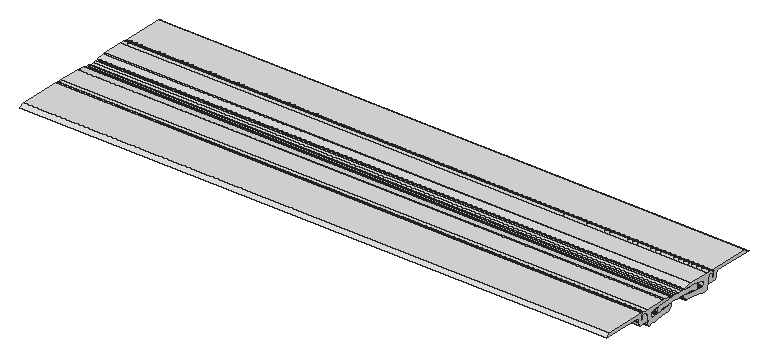
Revit family "Construction-Floors-Conecto-Aluminium Joints ALU AL.165.30", category Specialty Equipment, Revit 2015 (continued)
Definition of nested family "Standard"
  Automatic sketch dimensions
    Extrusion 18 sketch curve to Extrusion 18 sketch curve = 0.069 mm
    Extrusion 18 sketch curve to Extrusion 18 sketch curve = 0.189 mm
    Extrusion 18 sketch curve to Extrusion 18 sketch curve = 0.132 mm
    Extrusion 18 sketch curve to Extrusion 18 sketch curve = 0.433 mm
    Extrusion 18 sketch curve to Extrusion 18 sketch curve = 0.556 mm
    Extrusion 18 sketch curve to Extrusion 18 sketch curve = 0.586 mm
    Extrusion 18 sketch curve to Extrusion 18 sketch curve = 0.467 mm
    Extrusion 18 sketch curve to Extrusion 18 sketch curve = 0.54 mm
    Extrusion 18 sketch curve to Extrusion 18 sketch curve = 0.734 mm
    Extrusion 18 sketch curve to Extrusion 18 sketch curve = 0.731 mm
    Extrusion 18 sketch curve to Extrusion 18 sketch curve = 0.807 mm
    Extrusion 18 sketch curve to Extrusion 18 sketch curve = 0.833 mm
    Extrusion 18 sketch curve to Extrusion 18 sketch curve = 0.78 mm
    Extrusion 18 sketch curve to Extrusion 18 sketch curve = 0.732 mm
    Extrusion 18 sketch curve to Extrusion 18 sketch curve = 0.914 mm
    plane 5 to Extrusion 18 sketch curve = 0.641 mm
    plane 5 to Extrusion 18 sketch curve = 0.242 mm
    Extrusion 18 sketch curve to Extrusion 18 sketch curve = 0.531 mm
    Extrusion 18 sketch curve to Extrusion 18 sketch curve = 0.532 mm
    Extrusion 18 sketch curve to Extrusion 18 sketch curve = 0.709 mm
    Extrusion 18 sketch curve to Extrusion 18 sketch curve = 0.883 mm
    Extrusion 18 sketch curve to Extrusion 18 sketch curve = 0.643 mm
    Extrusion 18 sketch curve to Extrusion 18 sketch curve = 0.964 mm
    Extrusion 18 sketch curve to Extrusion 18 sketch curve = 0.834 mm
    Extrusion 18 sketch curve to Extrusion 18 sketch curve = 2.188 mm
    Extrusion 18 sketch curve to Extrusion 18 sketch curve = 0.784 mm
    Extrusion 18 sketch curve to Extrusion 18 sketch curve = 1.019 mm
    Extrusion 18 sketch curve to Extrusion 18 sketch curve = 0.89 mm
    Extrusion 18 sketch curve to Extrusion 18 sketch curve = 1.097 mm
    Extrusion 18 sketch curve to Extrusion 18 sketch curve = 0.938 mm
    Extrusion 18 sketch curve to Extrusion 18 sketch curve = 1.103 mm
    Extrusion 18 sketch curve to Extrusion 18 sketch curve = 0.798 mm
    Extrusion 18 sketch curve to Extrusion 18 sketch curve = 1.151 mm
    Extrusion 18 sketch curve to Extrusion 18 sketch curve = 0.621 mm
    Extrusion 18 sketch curve to Extrusion 18 sketch curve = 0.495 mm
    Extrusion 18 sketch curve to Extrusion 18 sketch curve = 0.64 mm
    Extrusion 18 sketch curve to Extrusion 18 sketch curve = 0.31 mm
    Extrusion 18 sketch curve to Extrusion 18 sketch curve = 0.281 mm
    Extrusion 18 sketch curve to Extrusion 18 sketch curve = 0.157 mm
    Extrusion 18 sketch curve to Extrusion 18 sketch curve = 0.166 mm
    Extrusion 18 sketch curve to Extrusion 18 sketch curve = 0.93 mm
    Extrusion 18 sketch curve to Extrusion 18 sketch curve = 1.828 mm
    Extrusion 18 sketch curve to Extrusion 18 sketch curve = 1.04 mm
    Extrusion 18 sketch curve to Extrusion 18 sketch curve = 0.911 mm
    Extrusion 18 sketch curve to Extrusion 18 sketch curve = 0.491 mm
    Extrusion 18 sketch curve to Extrusion 18 sketch curve = 1.053 mm
    Extrusion 18 sketch curve to Extrusion 18 sketch curve = 1.425 mm
    plane 5 to Extrusion 19 sketch curve = 74.364 mm
    Extrusion 19 sketch curve to Extrusion 19 sketch curve = 0.43 mm
    Extrusion 19 sketch curve to Extrusion 19 sketch curve = 2.098 mm
    Extrusion 19 sketch curve to Extrusion 19 sketch curve = 1.054 mm  (x2)
    plane 5 to Extrusion 19 sketch curve = 17.556 mm
    Extrusion 19 sketch curve to Extrusion 19 sketch curve = 0.775 mm
    Extrusion 19 sketch curve to Extrusion 19 sketch curve = 0.377 mm
    Extrusion 19 sketch curve to Extrusion 19 sketch curve = 2.284 mm
    Extrusion 19 sketch curve to Extrusion 19 sketch curve = 0.065 mm
    Extrusion 19 sketch curve to Extrusion 19 sketch curve = 0.485 mm
    Extrusion 19 sketch curve to Extrusion 19 sketch curve = 0.623 mm  (x2)
    Extrusion 19 sketch curve to Extrusion 19 sketch curve = 1.105 mm
    Extrusion 19 sketch curve to Extrusion 19 sketch curve = 1.02 mm
    Extrusion 19 sketch curve to Extrusion 19 sketch curve = 0.107 mm
    Extrusion 19 sketch curve to Extrusion 19 sketch curve = 0.272 mm
    Extrusion 19 sketch curve to Extrusion 19 sketch curve = 0.182 mm
    Extrusion 19 sketch curve to Extrusion 19 sketch curve = 0.098 mm
    Extrusion 19 sketch curve to Extrusion 19 sketch curve = 4.529 mm
    Extrusion 19 sketch curve to Extrusion 19 sketch curve = 0.102 mm
    Extrusion 19 sketch curve to Extrusion 19 sketch curve = 0.291 mm
    Extrusion 19 sketch curve to Extrusion 19 sketch curve = 0.591 mm
    Extrusion 19 sketch curve to Extrusion 19 sketch curve = 0.304 mm
    Extrusion 19 sketch curve to Extrusion 19 sketch curve = 0.332 mm
    Extrusion 19 sketch curve to Extrusion 19 sketch curve = 0.574 mm
    Extrusion 19 sketch curve to Extrusion 19 sketch curve = 0.589 mm
    Extrusion 19 sketch curve to Extrusion 19 sketch curve = 0.534 mm
    Extrusion 19 sketch curve to Extrusion 19 sketch curve = 0.778 mm
    Extrusion 19 sketch curve to Extrusion 19 sketch curve = 2.296 mm
    Extrusion 19 sketch curve to Extrusion 19 sketch curve = 1.352 mm
    Extrusion 19 sketch curve to Extrusion 19 sketch curve = 4.118 mm
    Extrusion 19 sketch curve to Extrusion 19 sketch curve = 0.069 mm
    Extrusion 19 sketch curve to Extrusion 19 sketch curve = 0.189 mm
    Extrusion 19 sketch curve to Extrusion 19 sketch curve = 0.132 mm
    Extrusion 19 sketch curve to Extrusion 19 sketch curve = 0.433 mm
    Extrusion 19 sketch curve to Extrusion 19 sketch curve = 1.397 mm
    Extrusion 19 sketch curve to Extrusion 19 sketch curve = 0.556 mm
    Extrusion 19 sketch curve to Extrusion 19 sketch curve = 0.586 mm
    Extrusion 19 sketch curve to Extrusion 19 sketch curve = 0.467 mm
    Extrusion 19 sketch curve to Extrusion 19 sketch curve = 0.54 mm
    Extrusion 19 sketch curve to Extrusion 19 sketch curve = 4.097 mm
    Extrusion 19 sketch curve to Extrusion 19 sketch curve = 0.116 mm
    Extrusion 19 sketch curve to Extrusion 19 sketch curve = 1.064 mm
    Extrusion 19 sketch curve to Extrusion 19 sketch curve = 0.693 mm
    Extrusion 19 sketch curve to Extrusion 19 sketch curve = 0.734 mm  (x2)
    Extrusion 19 sketch curve to Extrusion 19 sketch curve = 0.249 mm
    Extrusion 19 sketch curve to Extrusion 19 sketch curve = 0.731 mm
    Extrusion 19 sketch curve to Extrusion 19 sketch curve = 0.807 mm
    Extrusion 19 sketch curve to Extrusion 19 sketch curve = 0.833 mm
    Extrusion 19 sketch curve to Extrusion 19 sketch curve = 0.78 mm
    Extrusion 19 sketch curve to Extrusion 19 sketch curve = 0.732 mm
    Extrusion 19 sketch curve to Extrusion 19 sketch curve = 0.914 mm
    plane 5 to Extrusion 19 sketch curve = 0.621 mm
    plane 5 to Extrusion 19 sketch curve = 0.222 mm
    Extrusion 19 sketch curve to Extrusion 19 sketch curve = 0.006 mm
    Extrusion 19 sketch curve to Extrusion 19 sketch curve = 0.829 mm
    Extrusion 19 sketch curve to Extrusion 19 sketch curve = 0.931 mm
    Extrusion 19 sketch curve to Extrusion 19 sketch curve = 0.856 mm
    Extrusion 19 sketch curve to Extrusion 19 sketch curve = 0.688 mm
    Extrusion 19 sketch curve to Extrusion 19 sketch curve = 1.414 mm
    Extrusion 19 sketch curve to Extrusion 19 sketch curve = 0.532 mm
    Extrusion 19 sketch curve to Extrusion 19 sketch curve = 0.883 mm
    Extrusion 19 sketch curve to Extrusion 19 sketch curve = 0.643 mm
    Extrusion 19 sketch curve to Extrusion 19 sketch curve = 0.964 mm
    Extrusion 19 sketch curve to Extrusion 19 sketch curve = 0.834 mm
    Extrusion 19 sketch curve to Extrusion 19 sketch curve = 2.188 mm
    Extrusion 19 sketch curve to Extrusion 19 sketch curve = 0.784 mm
    Extrusion 19 sketch curve to Extrusion 19 sketch curve = 1.019 mm
    Extrusion 19 sketch curve to Extrusion 19 sketch curve = 0.89 mm
    Extrusion 19 sketch curve to Extrusion 19 sketch curve = 1.097 mm
    Extrusion 19 sketch curve to Extrusion 19 sketch curve = 0.938 mm
    Extrusion 19 sketch curve to Extrusion 19 sketch curve = 1.103 mm
    Extrusion 19 sketch curve to Extrusion 19 sketch curve = 0.798 mm
    Extrusion 19 sketch curve to Extrusion 19 sketch curve = 1.151 mm
    Extrusion 19 sketch curve to Extrusion 19 sketch curve = 0.621 mm
    Extrusion 19 sketch curve to Extrusion 19 sketch curve = 0.495 mm
    Extrusion 19 sketch curve to Extrusion 19 sketch curve = 0.64 mm
    Extrusion 19 sketch curve to Extrusion 19 sketch curve = 0.31 mm
    Extrusion 19 sketch curve to Extrusion 19 sketch curve = 0.281 mm
    Extrusion 19 sketch curve to Extrusion 19 sketch curve = 0.157 mm
    Extrusion 19 sketch curve to Extrusion 19 sketch curve = 0.166 mm
    Extrusion 19 sketch curve to Extrusion 19 sketch curve = 0.93 mm
    Extrusion 19 sketch curve to Extrusion 19 sketch curve = 1.828 mm
    Extrusion 19 sketch curve to Extrusion 19 sketch curve = 1.04 mm
    Extrusion 19 sketch curve to Extrusion 19 sketch curve = 0.911 mm
    Extrusion 19 sketch curve to Extrusion 19 sketch curve = 0.491 mm
    Extrusion 19 sketch curve to Extrusion 19 sketch curve = 1.053 mm
    Extrusion 19 sketch curve to Extrusion 19 sketch curve = 2.626 mm
    plane 5 to Extrusion 20 sketch curve = 74.226 mm
    Extrusion 20 sketch curve to Extrusion 20 sketch curve = 0.749 mm
    Extrusion 20 sketch curve to Extrusion 20 sketch curve = 1.78 mm
    Extrusion 20 sketch curve to Extrusion 20 sketch curve = 1.537 mm
    Extrusion 20 sketch curve to Extrusion 20 sketch curve = 1.854 mm
    plane 5 to Extrusion 20 sketch curve = 16.416 mm
    Extrusion 20 sketch curve to Extrusion 20 sketch curve = 0.43 mm
    Extrusion 20 sketch curve to Extrusion 20 sketch curve = 2.284 mm
    Extrusion 20 sketch curve to Extrusion 20 sketch curve = 0.065 mm
    Extrusion 20 sketch curve to Extrusion 20 sketch curve = 0.485 mm
    Extrusion 20 sketch curve to Extrusion 20 sketch curve = 0.623 mm  (x2)
    Extrusion 20 sketch curve to Extrusion 20 sketch curve = 3.012 mm
    Extrusion 20 sketch curve to Extrusion 20 sketch curve = 3.271 mm
    Extrusion 20 sketch curve to Extrusion 20 sketch curve = 1.105 mm
    Extrusion 20 sketch curve to Extrusion 20 sketch curve = 1.02 mm
    Extrusion 20 sketch curve to Extrusion 20 sketch curve = 0.107 mm
    Extrusion 20 sketch curve to Extrusion 20 sketch curve = 0.272 mm
    Extrusion 20 sketch curve to Extrusion 20 sketch curve = 0.182 mm
    Extrusion 20 sketch curve to Extrusion 20 sketch curve = 0.098 mm
    Extrusion 20 sketch curve to Extrusion 20 sketch curve = 0.803 mm
    Extrusion 20 sketch curve to Extrusion 20 sketch curve = 1.154 mm
    Extrusion 20 sketch curve to Extrusion 20 sketch curve = 0.591 mm  (x2)
    Extrusion 20 sketch curve to Extrusion 20 sketch curve = 1.054 mm
    Extrusion 20 sketch curve to Extrusion 20 sketch curve = 0.626 mm
    Extrusion 20 sketch curve to Extrusion 20 sketch curve = 0.332 mm
    Extrusion 20 sketch curve to Extrusion 20 sketch curve = 0.589 mm
    Extrusion 20 sketch curve to Extrusion 20 sketch curve = 0.908 mm
    Extrusion 20 sketch curve to Extrusion 20 sketch curve = 2.519 mm
    Extrusion 20 sketch curve to Extrusion 20 sketch curve = 2.296 mm
    Extrusion 20 sketch curve to Extrusion 20 sketch curve = 1.233 mm
    Extrusion 20 sketch curve to Extrusion 20 sketch curve = 4.118 mm
    Extrusion 20 sketch curve to Extrusion 20 sketch curve = 0.069 mm
    Extrusion 20 sketch curve to Extrusion 20 sketch curve = 0.189 mm
    Extrusion 20 sketch curve to Extrusion 20 sketch curve = 0.132 mm
    Extrusion 20 sketch curve to Extrusion 20 sketch curve = 1.181 mm
    Extrusion 20 sketch curve to Extrusion 20 sketch curve = 0.433 mm
    Extrusion 20 sketch curve to Extrusion 20 sketch curve = 0.556 mm
    Extrusion 20 sketch curve to Extrusion 20 sketch curve = 0.586 mm
    Extrusion 20 sketch curve to Extrusion 20 sketch curve = 2.086 mm
    Extrusion 20 sketch curve to Extrusion 20 sketch curve = 0.54 mm
    Extrusion 20 sketch curve to Extrusion 20 sketch curve = 1.13 mm
    Extrusion 20 sketch curve to Extrusion 20 sketch curve = 0.926 mm
    Extrusion 20 sketch curve to Extrusion 20 sketch curve = 0.734 mm
    Extrusion 20 sketch curve to Extrusion 20 sketch curve = 0.939 mm  (x2)
    Extrusion 20 sketch curve to Extrusion 20 sketch curve = 0.654 mm
    Extrusion 20 sketch curve to Extrusion 20 sketch curve = 0.731 mm
    Extrusion 20 sketch curve to Extrusion 20 sketch curve = 0.456 mm
    Extrusion 20 sketch curve to Extrusion 20 sketch curve = 0.807 mm
    Extrusion 20 sketch curve to Extrusion 20 sketch curve = 0.833 mm
    Extrusion 20 sketch curve to Extrusion 20 sketch curve = 0.78 mm
    Extrusion 20 sketch curve to Extrusion 20 sketch curve = 0.732 mm
    Extrusion 20 sketch curve to Extrusion 20 sketch curve = 0.914 mm
    plane 5 to Extrusion 20 sketch curve = 0.633 mm
    plane 5 to Extrusion 20 sketch curve = 0.234 mm
    Extrusion 20 sketch curve to Extrusion 20 sketch curve = 12.646 mm
    Extrusion 20 sketch curve to Extrusion 20 sketch curve = 1.028 mm
    Extrusion 20 sketch curve to Extrusion 20 sketch curve = 0.44 mm
    Extrusion 20 sketch curve to Extrusion 20 sketch curve = 0.145 mm
    Extrusion 20 sketch curve to Extrusion 20 sketch curve = 0.151 mm
    Extrusion 20 sketch curve to Extrusion 20 sketch curve = 0.462 mm
    Extrusion 20 sketch curve to Extrusion 20 sketch curve = 0.576 mm
    Extrusion 20 sketch curve to Extrusion 20 sketch curve = 0.472 mm
    Extrusion 20 sketch curve to Extrusion 20 sketch curve = 1.607 mm
    Extrusion 20 sketch curve to Extrusion 20 sketch curve = 1.617 mm
    Extrusion 20 sketch curve to Extrusion 20 sketch curve = 1.074 mm
    Extrusion 20 sketch curve to Extrusion 20 sketch curve = 0.934 mm
    Extrusion 20 sketch curve to Extrusion 20 sketch curve = 0.532 mm
    Extrusion 20 sketch curve to Extrusion 20 sketch curve = 0.883 mm
    Extrusion 20 sketch curve to Extrusion 20 sketch curve = 0.643 mm
    Extrusion 20 sketch curve to Extrusion 20 sketch curve = 0.161 mm
    Extrusion 20 sketch curve to Extrusion 20 sketch curve = 0.964 mm
    Extrusion 20 sketch curve to Extrusion 20 sketch curve = 0.834 mm
    Extrusion 20 sketch curve to Extrusion 20 sketch curve = 2.188 mm
    Extrusion 20 sketch curve to Extrusion 20 sketch curve = 0.784 mm
    Extrusion 20 sketch curve to Extrusion 20 sketch curve = 1.019 mm
    Extrusion 20 sketch curve to Extrusion 20 sketch curve = 0.89 mm
    Extrusion 20 sketch curve to Extrusion 20 sketch curve = 1.097 mm
    Extrusion 20 sketch curve to Extrusion 20 sketch curve = 0.938 mm
    Extrusion 20 sketch curve to Extrusion 20 sketch curve = 1.103 mm
    Extrusion 20 sketch curve to Extrusion 20 sketch curve = 0.798 mm
    Extrusion 20 sketch curve to Extrusion 20 sketch curve = 1.151 mm
    Extrusion 20 sketch curve to Extrusion 20 sketch curve = 0.621 mm
    Extrusion 20 sketch curve to Extrusion 20 sketch curve = 0.495 mm
    Extrusion 20 sketch curve to Extrusion 20 sketch curve = 0.64 mm
    Extrusion 20 sketch curve to Extrusion 20 sketch curve = 0.31 mm
    Extrusion 20 sketch curve to Extrusion 20 sketch curve = 0.281 mm
    Extrusion 20 sketch curve to Extrusion 20 sketch curve = 0.157 mm
    Extrusion 20 sketch curve to Extrusion 20 sketch curve = 0.166 mm
    Extrusion 20 sketch curve to Extrusion 20 sketch curve = 0.93 mm
    Extrusion 20 sketch curve to Extrusion 20 sketch curve = 1.828 mm
    Extrusion 20 sketch curve to Extrusion 20 sketch curve = 1.04 mm
    Extrusion 20 sketch curve to Extrusion 20 sketch curve = 0.911 mm
    Extrusion 20 sketch curve to Extrusion 20 sketch curve = 0.491 mm
    Extrusion 20 sketch curve to Extrusion 20 sketch curve = 1.053 mm
    Extrusion 20 sketch curve to Extrusion 20 sketch curve = 2.626 mm
    plane 6 to Extrusion 21 sketch curve = 76.237 mm
    Extrusion 21 sketch curve to Extrusion 21 sketch curve = 0.134 mm
    Extrusion 21 sketch curve to Extrusion 21 sketch curve = 0.685 mm  (x2)
    Extrusion 21 sketch curve to Extrusion 21 sketch curve = 0.826 mm
    Extrusion 21 sketch curve to Extrusion 21 sketch curve = 1.425 mm
    Extrusion 21 sketch curve to Extrusion 21 sketch curve = 2.078 mm
    plane 6 to Extrusion 21 sketch curve = 16.425 mm
    Extrusion 21 sketch curve to Extrusion 21 sketch curve = 0.009 mm
    Extrusion 21 sketch curve to Extrusion 21 sketch curve = 0.041 mm
    Extrusion 21 sketch curve to Extrusion 21 sketch curve = 0.911 mm  (x2)
    Extrusion 21 sketch curve to Extrusion 21 sketch curve = 2.3 mm
    Extrusion 21 sketch curve to Extrusion 21 sketch curve = 2.339 mm
    Extrusion 21 sketch curve to Extrusion 21 sketch curve = 0.027 mm
    Extrusion 21 sketch curve to Extrusion 21 sketch curve = 0.499 mm
    Extrusion 21 sketch curve to Extrusion 21 sketch curve = 0.837 mm
    Extrusion 21 sketch curve to Extrusion 21 sketch curve = 0.786 mm  (x2)
    Extrusion 21 sketch curve to Extrusion 21 sketch curve = 0.774 mm  (x2)
    Extrusion 21 sketch curve to Extrusion 21 sketch curve = 0.425 mm
    Extrusion 21 sketch curve to Extrusion 21 sketch curve = 0.097 mm
    Extrusion 21 sketch curve to Extrusion 21 sketch curve = 0.246 mm
    Extrusion 21 sketch curve to Extrusion 21 sketch curve = 0.831 mm
    Extrusion 21 sketch curve to Extrusion 21 sketch curve = 0.349 mm
    Extrusion 21 sketch curve to Extrusion 21 sketch curve = 0.778 mm
    Extrusion 21 sketch curve to Extrusion 21 sketch curve = 0.491 mm  (x2)
    plane 6 to Extrusion 21 sketch curve = 11.198 mm
    Extrusion 21 sketch curve to Extrusion 21 sketch curve = 0.697 mm
    Extrusion 21 sketch curve to Extrusion 21 sketch curve = 3.355 mm
    Extrusion 21 sketch curve to Extrusion 21 sketch curve = 0.719 mm
    Extrusion 21 sketch curve to Extrusion 21 sketch curve = 0.595 mm
    Extrusion 21 sketch curve to Extrusion 21 sketch curve = 0.672 mm
    Extrusion 21 sketch curve to Extrusion 21 sketch curve = 0.908 mm
    Extrusion 21 sketch curve to Extrusion 21 sketch curve = 0.74 mm
    Extrusion 21 sketch curve to Extrusion 21 sketch curve = 0.885 mm  (x2)
    Extrusion 21 sketch curve to Extrusion 21 sketch curve = 0.607 mm
    Extrusion 21 sketch curve to Extrusion 21 sketch curve = 0.827 mm
    Extrusion 21 sketch curve to Extrusion 21 sketch curve = 2.153 mm
    Extrusion 21 sketch curve to Extrusion 21 sketch curve = 0.459 mm
    Extrusion 21 sketch curve to Extrusion 21 sketch curve = 0.775 mm
    Extrusion 21 sketch curve to Extrusion 21 sketch curve = 0.787 mm
    Extrusion 21 sketch curve to Extrusion 21 sketch curve = 4.161 mm
    Extrusion 21 sketch curve to Extrusion 21 sketch curve = 0.155 mm
    Extrusion 21 sketch curve to Extrusion 21 sketch curve = 2.645 mm
    Extrusion 21 sketch curve to Extrusion 21 sketch curve = 0.258 mm
    Extrusion 21 sketch curve to Extrusion 21 sketch curve = 0.789 mm
    Extrusion 21 sketch curve to Extrusion 21 sketch curve = 0.379 mm
    Extrusion 21 sketch curve to Extrusion 21 sketch curve = 0.889 mm
    Extrusion 21 sketch curve to Extrusion 21 sketch curve = 0.488 mm
    Extrusion 21 sketch curve to Extrusion 21 sketch curve = 1.704 mm
    Extrusion 21 sketch curve to Extrusion 21 sketch curve = 0.741 mm
    Extrusion 21 sketch curve to Extrusion 21 sketch curve = 0.656 mm  (x2)
    Extrusion 21 sketch curve to Extrusion 21 sketch curve = 0.298 mm
    Extrusion 21 sketch curve to Extrusion 21 sketch curve = 0.771 mm
    Extrusion 21 sketch curve to Extrusion 21 sketch curve = 0.877 mm
    Extrusion 21 sketch curve to Extrusion 21 sketch curve = 0.492 mm
    Extrusion 21 sketch curve to Extrusion 21 sketch curve = 0.714 mm
    Extrusion 21 sketch curve to Extrusion 21 sketch curve = 0.418 mm
    Extrusion 21 sketch curve to Extrusion 21 sketch curve = 0.776 mm
    Extrusion 21 sketch curve to Extrusion 21 sketch curve = 0.629 mm
    Extrusion 21 sketch curve to Extrusion 21 sketch curve = 0.721 mm
    Extrusion 21 sketch curve to Extrusion 21 sketch curve = 0.523 mm
    Extrusion 21 sketch curve to Extrusion 21 sketch curve = 0.922 mm
    Extrusion 21 sketch curve to Extrusion 21 sketch curve = 0.347 mm
    Extrusion 21 sketch curve to Extrusion 21 sketch curve = 0.484 mm
    Extrusion 21 sketch curve to Extrusion 21 sketch curve = 0.085 mm
    Extrusion 21 sketch curve to Extrusion 21 sketch curve = 0.931 mm
    Extrusion 21 sketch curve to Extrusion 21 sketch curve = 0.833 mm
    plane 6 to Extrusion 21 sketch curve = 2.025 mm  (x2)
    Extrusion 21 sketch curve to Extrusion 21 sketch curve = 0.81 mm
    plane 6 to Extrusion 21 sketch curve = 0.891 mm  (x2)
    plane 6 to Extrusion 21 sketch curve = 0.11 mm
    Extrusion 21 sketch curve to Extrusion 21 sketch curve = 0.601 mm
    Extrusion 21 sketch curve to Extrusion 21 sketch curve = 0.78 mm
    Extrusion 21 sketch curve to Extrusion 21 sketch curve = 0.804 mm
    Extrusion 21 sketch curve to Extrusion 21 sketch curve = 0.811 mm
    Extrusion 21 sketch curve to Extrusion 21 sketch curve = 2.532 mm
    Extrusion 21 sketch curve to Extrusion 21 sketch curve = 0.993 mm
    Extrusion 21 sketch curve to Extrusion 21 sketch curve = 0.391 mm
    Extrusion 21 sketch curve to Extrusion 21 sketch curve = 0.063 mm
    Extrusion 21 sketch curve to Extrusion 21 sketch curve = 0.673 mm
    Extrusion 21 sketch curve to Extrusion 21 sketch curve = 0.38 mm
    Extrusion 21 sketch curve to Extrusion 21 sketch curve = 0.252 mm
    Extrusion 21 sketch curve to Extrusion 21 sketch curve = 0.151 mm
    Extrusion 21 sketch curve to Extrusion 21 sketch curve = 3.295 mm  (x2)
    Extrusion 21 sketch curve to Extrusion 21 sketch curve = 2.553 mm
    Extrusion 21 sketch curve to Extrusion 21 sketch curve = 0.406 mm
    Extrusion 21 sketch curve to Extrusion 21 sketch curve = 3.77 mm
    Extrusion 21 sketch curve to Extrusion 21 sketch curve = 0.794 mm
    Extrusion 21 sketch curve to Extrusion 21 sketch curve = 63.318 mm
    Extrusion 21 sketch curve to Extrusion 21 sketch curve = 1.56 mm
    Extrusion 21 sketch curve to Extrusion 21 sketch curve = 0.918 mm
    Extrusion 21 sketch curve to Extrusion 21 sketch curve = 0.284 mm
    Extrusion 21 sketch curve to Extrusion 21 sketch curve = 0.587 mm
    Extrusion 21 sketch curve to Extrusion 21 sketch curve = 1.2 mm
    Extrusion 21 sketch curve to Extrusion 21 sketch curve = 1.911 mm
    Extrusion 21 sketch curve to Extrusion 21 sketch curve = 0.578 mm
    Extrusion 21 sketch curve to Extrusion 21 sketch curve = 4.832 mm
    Extrusion 21 sketch curve to Extrusion 21 sketch curve = 0.912 mm
    Extrusion 21 sketch curve to Extrusion 21 sketch curve = 0.917 mm
    Extrusion 21 sketch curve to Extrusion 21 sketch curve = 2.428 mm
    Extrusion 21 sketch curve to Extrusion 21 sketch curve = 0.795 mm
    Extrusion 21 sketch curve to Extrusion 21 sketch curve = 0.87 mm
    Extrusion 21 sketch curve to Extrusion 21 sketch curve = 2.001 mm
    Extrusion 21 sketch curve to Extrusion 21 sketch curve = 1.1 mm
    Extrusion 21 sketch curve to Extrusion 21 sketch curve = 1.105 mm
    Extrusion 21 sketch curve to Extrusion 21 sketch curve = 1.16 mm
    Extrusion 21 sketch curve to Extrusion 21 sketch curve = 0.798 mm
    Extrusion 21 sketch curve to Extrusion 21 sketch curve = 0.812 mm
    Extrusion 21 sketch curve to Extrusion 21 sketch curve = 1.3 mm
    Extrusion 21 sketch curve to Extrusion 21 sketch curve = 1.589 mm
    Extrusion 21 sketch curve to Extrusion 21 sketch curve = 0.729 mm
    Extrusion 21 sketch curve to Extrusion 21 sketch curve = 0.181 mm
    Extrusion 21 sketch curve to Extrusion 21 sketch curve = 0.71 mm
    Extrusion 21 sketch curve to Extrusion 21 sketch curve = 0.699 mm
    Extrusion 21 sketch curve to Extrusion 21 sketch curve = 0.638 mm
    Extrusion 21 sketch curve to Extrusion 21 sketch curve = 0.506 mm
    Extrusion 21 sketch curve to Extrusion 21 sketch curve = 0.373 mm
    Extrusion 21 sketch curve to Extrusion 21 sketch curve = 0.208 mm
    Extrusion 21 sketch curve to Extrusion 21 sketch curve = 0.144 mm
    Extrusion 21 sketch curve to Extrusion 21 sketch curve = 1.895 mm
    Extrusion 21 sketch curve to Extrusion 21 sketch curve = 0.735 mm
    Extrusion 21 sketch curve to Extrusion 21 sketch curve = 1.073 mm  (x2)
    Extrusion 21 sketch curve to Extrusion 21 sketch curve = 0.031 mm
    Extrusion 21 sketch curve to Extrusion 21 sketch curve = 0.237 mm
    Extrusion 21 sketch curve to Extrusion 21 sketch curve = 0.765 mm
    Extrusion 21 sketch curve to Extrusion 21 sketch curve = 2.288 mm
    plane 6 to Extrusion 22 sketch curve = 76.237 mm
    Extrusion 22 sketch curve to Extrusion 22 sketch curve = 0.134 mm
    Extrusion 22 sketch curve to Extrusion 22 sketch curve = 0.685 mm  (x2)
    Extrusion 22 sketch curve to Extrusion 22 sketch curve = 0.826 mm
    Extrusion 22 sketch curve to Extrusion 22 sketch curve = 1.425 mm
    Extrusion 22 sketch curve to Extrusion 22 sketch curve = 2.071 mm
    plane 6 to Extrusion 22 sketch curve = 16.425 mm
    Extrusion 22 sketch curve to Extrusion 22 sketch curve = 0.009 mm
    Extrusion 22 sketch curve to Extrusion 22 sketch curve = 0.041 mm
    Extrusion 22 sketch curve to Extrusion 22 sketch curve = 0.911 mm  (x2)
    Extrusion 22 sketch curve to Extrusion 22 sketch curve = 2.3 mm
    Extrusion 22 sketch curve to Extrusion 22 sketch curve = 2.339 mm
    Extrusion 22 sketch curve to Extrusion 22 sketch curve = 0.027 mm
    Extrusion 22 sketch curve to Extrusion 22 sketch curve = 0.499 mm
    Extrusion 22 sketch curve to Extrusion 22 sketch curve = 0.837 mm
    Extrusion 22 sketch curve to Extrusion 22 sketch curve = 0.786 mm  (x2)
    Extrusion 22 sketch curve to Extrusion 22 sketch curve = 0.774 mm  (x2)
    Extrusion 22 sketch curve to Extrusion 22 sketch curve = 0.425 mm
    Extrusion 22 sketch curve to Extrusion 22 sketch curve = 0.097 mm
    Extrusion 22 sketch curve to Extrusion 22 sketch curve = 0.246 mm
    Extrusion 22 sketch curve to Extrusion 22 sketch curve = 0.831 mm
    Extrusion 22 sketch curve to Extrusion 22 sketch curve = 0.349 mm
    Extrusion 22 sketch curve to Extrusion 22 sketch curve = 0.778 mm
    Extrusion 22 sketch curve to Extrusion 22 sketch curve = 0.491 mm  (x2)
    Extrusion 22 sketch curve to Extrusion 22 sketch curve = 0.697 mm
    Extrusion 22 sketch curve to Extrusion 22 sketch curve = 3.355 mm
    Extrusion 22 sketch curve to Extrusion 22 sketch curve = 0.719 mm
    Extrusion 22 sketch curve to Extrusion 22 sketch curve = 0.595 mm
    Extrusion 22 sketch curve to Extrusion 22 sketch curve = 0.672 mm
    Extrusion 22 sketch curve to Extrusion 22 sketch curve = 0.908 mm
    Extrusion 22 sketch curve to Extrusion 22 sketch curve = 0.74 mm
    Extrusion 22 sketch curve to Extrusion 22 sketch curve = 0.885 mm  (x2)
    Extrusion 22 sketch curve to Extrusion 22 sketch curve = 0.607 mm
    Extrusion 22 sketch curve to Extrusion 22 sketch curve = 0.827 mm
    Extrusion 22 sketch curve to Extrusion 22 sketch curve = 0.459 mm
    plane 6 to Extrusion 22 sketch curve = 8.705 mm
    Extrusion 22 sketch curve to Extrusion 22 sketch curve = 0.775 mm
    Extrusion 22 sketch curve to Extrusion 22 sketch curve = 0.787 mm
    Extrusion 22 sketch curve to Extrusion 22 sketch curve = 4.161 mm
    Extrusion 22 sketch curve to Extrusion 22 sketch curve = 0.155 mm
    Extrusion 22 sketch curve to Extrusion 22 sketch curve = 2.645 mm
    Extrusion 22 sketch curve to Extrusion 22 sketch curve = 0.258 mm
    Extrusion 22 sketch curve to Extrusion 22 sketch curve = 0.789 mm
    Extrusion 22 sketch curve to Extrusion 22 sketch curve = 0.379 mm
    Extrusion 22 sketch curve to Extrusion 22 sketch curve = 0.889 mm
    Extrusion 22 sketch curve to Extrusion 22 sketch curve = 0.488 mm
    Extrusion 22 sketch curve to Extrusion 22 sketch curve = 0.741 mm
    Extrusion 22 sketch curve to Extrusion 22 sketch curve = 0.656 mm  (x2)
    Extrusion 22 sketch curve to Extrusion 22 sketch curve = 0.298 mm
    Extrusion 22 sketch curve to Extrusion 22 sketch curve = 2.115 mm
    Extrusion 22 sketch curve to Extrusion 22 sketch curve = 0.877 mm
    Extrusion 22 sketch curve to Extrusion 22 sketch curve = 0.492 mm
    Extrusion 22 sketch curve to Extrusion 22 sketch curve = 0.714 mm
    Extrusion 22 sketch curve to Extrusion 22 sketch curve = 0.273 mm
    Extrusion 22 sketch curve to Extrusion 22 sketch curve = 0.776 mm
    Extrusion 22 sketch curve to Extrusion 22 sketch curve = 0.629 mm
    Extrusion 22 sketch curve to Extrusion 22 sketch curve = 0.721 mm
    Extrusion 22 sketch curve to Extrusion 22 sketch curve = 0.523 mm
    Extrusion 22 sketch curve to Extrusion 22 sketch curve = 0.922 mm
    Extrusion 22 sketch curve to Extrusion 22 sketch curve = 0.347 mm
    Extrusion 22 sketch curve to Extrusion 22 sketch curve = 0.484 mm
    Extrusion 22 sketch curve to Extrusion 22 sketch curve = 0.085 mm
    Extrusion 22 sketch curve to Extrusion 22 sketch curve = 0.931 mm
    Extrusion 22 sketch curve to Extrusion 22 sketch curve = 0.833 mm
    plane 6 to Extrusion 22 sketch curve = 2.025 mm  (x2)
    Extrusion 22 sketch curve to Extrusion 22 sketch curve = 0.81 mm
    plane 6 to Extrusion 22 sketch curve = 0.891 mm  (x2)
    plane 6 to Extrusion 22 sketch curve = 0.11 mm
    Extrusion 22 sketch curve to Extrusion 22 sketch curve = 0.218 mm
    Extrusion 22 sketch curve to Extrusion 22 sketch curve = 0.428 mm
    Extrusion 22 sketch curve to Extrusion 22 sketch curve = 0.38 mm
    Extrusion 22 sketch curve to Extrusion 22 sketch curve = 0.252 mm
    Extrusion 22 sketch curve to Extrusion 22 sketch curve = 0.151 mm
    Extrusion 22 sketch curve to Extrusion 22 sketch curve = 1.986 mm
    Extrusion 22 sketch curve to Extrusion 22 sketch curve = 2.553 mm
    Extrusion 22 sketch curve to Extrusion 22 sketch curve = 0.406 mm
    Extrusion 22 sketch curve to Extrusion 22 sketch curve = 3.77 mm
    Extrusion 22 sketch curve to Extrusion 22 sketch curve = 0.794 mm
    Extrusion 22 sketch curve to Extrusion 22 sketch curve = 53.088 mm
    Extrusion 22 sketch curve to Extrusion 22 sketch curve = 1.637 mm
    Extrusion 22 sketch curve to Extrusion 22 sketch curve = 1.221 mm
    Extrusion 22 sketch curve to Extrusion 22 sketch curve = 1.196 mm
    Extrusion 22 sketch curve to Extrusion 22 sketch curve = 1.911 mm
    Extrusion 22 sketch curve to Extrusion 22 sketch curve = 0.578 mm
    Extrusion 22 sketch curve to Extrusion 22 sketch curve = 0.175 mm
    Extrusion 22 sketch curve to Extrusion 22 sketch curve = 0.673 mm
    Extrusion 22 sketch curve to Extrusion 22 sketch curve = 3.295 mm  (x2)
    Extrusion 22 sketch curve to Extrusion 22 sketch curve = 0.993 mm
    Extrusion 22 sketch curve to Extrusion 22 sketch curve = 0.811 mm
    Extrusion 22 sketch curve to Extrusion 22 sketch curve = 0.804 mm
    Extrusion 22 sketch curve to Extrusion 22 sketch curve = 2.532 mm
    Extrusion 22 sketch curve to Extrusion 22 sketch curve = 0.601 mm
    Extrusion 22 sketch curve to Extrusion 22 sketch curve = 0.912 mm
    Extrusion 22 sketch curve to Extrusion 22 sketch curve = 0.917 mm
    Extrusion 22 sketch curve to Extrusion 22 sketch curve = 2.428 mm
    Extrusion 22 sketch curve to Extrusion 22 sketch curve = 0.795 mm
    Extrusion 22 sketch curve to Extrusion 22 sketch curve = 0.87 mm
    Extrusion 22 sketch curve to Extrusion 22 sketch curve = 2.001 mm
    Extrusion 22 sketch curve to Extrusion 22 sketch curve = 1.1 mm
    Extrusion 22 sketch curve to Extrusion 22 sketch curve = 1.105 mm
    Extrusion 22 sketch curve to Extrusion 22 sketch curve = 1.16 mm
    Extrusion 22 sketch curve to Extrusion 22 sketch curve = 0.798 mm
    Extrusion 22 sketch curve to Extrusion 22 sketch curve = 0.812 mm
    Extrusion 22 sketch curve to Extrusion 22 sketch curve = 1.3 mm
    Extrusion 22 sketch curve to Extrusion 22 sketch curve = 1.589 mm
    Extrusion 22 sketch curve to Extrusion 22 sketch curve = 0.729 mm
    Extrusion 22 sketch curve to Extrusion 22 sketch curve = 0.181 mm
    Extrusion 22 sketch curve to Extrusion 22 sketch curve = 0.71 mm
    Extrusion 22 sketch curve to Extrusion 22 sketch curve = 0.699 mm
    Extrusion 22 sketch curve to Extrusion 22 sketch curve = 0.638 mm
    Extrusion 22 sketch curve to Extrusion 22 sketch curve = 0.506 mm
    Extrusion 22 sketch curve to Extrusion 22 sketch curve = 0.373 mm
    Extrusion 22 sketch curve to Extrusion 22 sketch curve = 0.208 mm
    Extrusion 22 sketch curve to Extrusion 22 sketch curve = 0.144 mm
    Extrusion 22 sketch curve to Extrusion 22 sketch curve = 1.895 mm
    Extrusion 22 sketch curve to Extrusion 22 sketch curve = 0.735 mm
    Extrusion 22 sketch curve to Extrusion 22 sketch curve = 1.073 mm  (x2)
    Extrusion 22 sketch curve to Extrusion 22 sketch curve = 0.031 mm
    Extrusion 22 sketch curve to Extrusion 22 sketch curve = 0.237 mm
    Extrusion 22 sketch curve to Extrusion 22 sketch curve = 0.765 mm
    Extrusion 22 sketch curve to Extrusion 22 sketch curve = 1.007 mm
    plane 6 to Extrusion 23 sketch curve = 76.337 mm
    Extrusion 23 sketch curve to Extrusion 23 sketch curve = 0.134 mm
    Extrusion 23 sketch curve to Extrusion 23 sketch curve = 0.685 mm  (x2)
    Extrusion 23 sketch curve to Extrusion 23 sketch curve = 0.826 mm
    Extrusion 23 sketch curve to Extrusion 23 sketch curve = 1.425 mm
    Extrusion 23 sketch curve to Extrusion 23 sketch curve = 2.203 mm
    plane 6 to Extrusion 23 sketch curve = 16.425 mm
    Extrusion 23 sketch curve to Extrusion 23 sketch curve = 0.009 mm
    Extrusion 23 sketch curve to Extrusion 23 sketch curve = 0.032 mm
    Extrusion 23 sketch curve to Extrusion 23 sketch curve = 0.911 mm  (x2)
    Extrusion 23 sketch curve to Extrusion 23 sketch curve = 2.3 mm
    Extrusion 23 sketch curve to Extrusion 23 sketch curve = 2.339 mm
    Extrusion 23 sketch curve to Extrusion 23 sketch curve = 0.027 mm
    Extrusion 23 sketch curve to Extrusion 23 sketch curve = 0.499 mm
    Extrusion 23 sketch curve to Extrusion 23 sketch curve = 0.837 mm
    Extrusion 23 sketch curve to Extrusion 23 sketch curve = 0.786 mm  (x2)
    Extrusion 23 sketch curve to Extrusion 23 sketch curve = 0.774 mm  (x2)
    Extrusion 23 sketch curve to Extrusion 23 sketch curve = 0.425 mm
    Extrusion 23 sketch curve to Extrusion 23 sketch curve = 0.097 mm
    Extrusion 23 sketch curve to Extrusion 23 sketch curve = 0.246 mm
    Extrusion 23 sketch curve to Extrusion 23 sketch curve = 0.831 mm
    Extrusion 23 sketch curve to Extrusion 23 sketch curve = 0.349 mm
    Extrusion 23 sketch curve to Extrusion 23 sketch curve = 0.778 mm
    Extrusion 23 sketch curve to Extrusion 23 sketch curve = 0.491 mm  (x2)
    plane 6 to Extrusion 23 sketch curve = 11.216 mm
    Extrusion 23 sketch curve to Extrusion 23 sketch curve = 0.697 mm
    Extrusion 23 sketch curve to Extrusion 23 sketch curve = 3.355 mm
    Extrusion 23 sketch curve to Extrusion 23 sketch curve = 0.719 mm
    Extrusion 23 sketch curve to Extrusion 23 sketch curve = 0.595 mm
    Extrusion 23 sketch curve to Extrusion 23 sketch curve = 0.672 mm
    Extrusion 23 sketch curve to Extrusion 23 sketch curve = 0.908 mm
    Extrusion 23 sketch curve to Extrusion 23 sketch curve = 0.74 mm
    Extrusion 23 sketch curve to Extrusion 23 sketch curve = 0.885 mm  (x2)
    Extrusion 23 sketch curve to Extrusion 23 sketch curve = 0.607 mm
    Extrusion 23 sketch curve to Extrusion 23 sketch curve = 0.827 mm
    Extrusion 23 sketch curve to Extrusion 23 sketch curve = 0.459 mm
    Extrusion 23 sketch curve to Extrusion 23 sketch curve = 0.775 mm
    Extrusion 23 sketch curve to Extrusion 23 sketch curve = 2.808 mm
    Extrusion 23 sketch curve to Extrusion 23 sketch curve = 0.787 mm
    Extrusion 23 sketch curve to Extrusion 23 sketch curve = 4.161 mm
    Extrusion 23 sketch curve to Extrusion 23 sketch curve = 0.155 mm
    Extrusion 23 sketch curve to Extrusion 23 sketch curve = 2.645 mm
    Extrusion 23 sketch curve to Extrusion 23 sketch curve = 0.258 mm
    Extrusion 23 sketch curve to Extrusion 23 sketch curve = 0.789 mm
    Extrusion 23 sketch curve to Extrusion 23 sketch curve = 0.379 mm
    Extrusion 23 sketch curve to Extrusion 23 sketch curve = 0.889 mm
    Extrusion 23 sketch curve to Extrusion 23 sketch curve = 0.488 mm
    Extrusion 23 sketch curve to Extrusion 23 sketch curve = 0.741 mm
    Extrusion 23 sketch curve to Extrusion 23 sketch curve = 1.325 mm
    Extrusion 23 sketch curve to Extrusion 23 sketch curve = 0.656 mm  (x2)
    Extrusion 23 sketch curve to Extrusion 23 sketch curve = 0.298 mm
    Extrusion 23 sketch curve to Extrusion 23 sketch curve = 0.877 mm
    Extrusion 23 sketch curve to Extrusion 23 sketch curve = 0.492 mm
    Extrusion 23 sketch curve to Extrusion 23 sketch curve = 0.714 mm
    Extrusion 23 sketch curve to Extrusion 23 sketch curve = 0.273 mm
    Extrusion 23 sketch curve to Extrusion 23 sketch curve = 0.776 mm
    Extrusion 23 sketch curve to Extrusion 23 sketch curve = 0.629 mm
    Extrusion 23 sketch curve to Extrusion 23 sketch curve = 0.721 mm
    Extrusion 23 sketch curve to Extrusion 23 sketch curve = 0.523 mm
    Extrusion 23 sketch curve to Extrusion 23 sketch curve = 0.922 mm
    Extrusion 23 sketch curve to Extrusion 23 sketch curve = 0.347 mm
    Extrusion 23 sketch curve to Extrusion 23 sketch curve = 0.484 mm
    Extrusion 23 sketch curve to Extrusion 23 sketch curve = 0.085 mm
    Extrusion 23 sketch curve to Extrusion 23 sketch curve = 0.931 mm
    Extrusion 23 sketch curve to Extrusion 23 sketch curve = 0.833 mm
    plane 6 to Extrusion 23 sketch curve = 2.025 mm  (x2)
    Extrusion 23 sketch curve to Extrusion 23 sketch curve = 0.81 mm
    plane 6 to Extrusion 23 sketch curve = 0.891 mm  (x2)
    plane 6 to Extrusion 23 sketch curve = 0.11 mm
    Extrusion 23 sketch curve to Extrusion 23 sketch curve = 0.218 mm
    Extrusion 23 sketch curve to Extrusion 23 sketch curve = 0.428 mm
    Extrusion 23 sketch curve to Extrusion 23 sketch curve = 0.38 mm
    Extrusion 23 sketch curve to Extrusion 23 sketch curve = 0.252 mm
    Extrusion 23 sketch curve to Extrusion 23 sketch curve = 0.151 mm
    Extrusion 23 sketch curve to Extrusion 23 sketch curve = 1.986 mm
    Extrusion 23 sketch curve to Extrusion 23 sketch curve = 2.553 mm
    Extrusion 23 sketch curve to Extrusion 23 sketch curve = 0.406 mm
    Extrusion 23 sketch curve to Extrusion 23 sketch curve = 3.77 mm
    Extrusion 23 sketch curve to Extrusion 23 sketch curve = 0.794 mm
    Extrusion 23 sketch curve to Extrusion 23 sketch curve = 44.368 mm
    Extrusion 23 sketch curve to Extrusion 23 sketch curve = 1.15 mm
    Extrusion 23 sketch curve to Extrusion 23 sketch curve = 0.704 mm
    Extrusion 23 sketch curve to Extrusion 23 sketch curve = 1.272 mm
    Extrusion 23 sketch curve to Extrusion 23 sketch curve = 1.911 mm
    Extrusion 23 sketch curve to Extrusion 23 sketch curve = 0.578 mm
    Extrusion 23 sketch curve to Extrusion 23 sketch curve = 5.129 mm
    Extrusion 23 sketch curve to Extrusion 23 sketch curve = 0.673 mm
    Extrusion 23 sketch curve to Extrusion 23 sketch curve = 3.295 mm  (x2)
    Extrusion 23 sketch curve to Extrusion 23 sketch curve = 0.993 mm
    Extrusion 23 sketch curve to Extrusion 23 sketch curve = 0.811 mm
    Extrusion 23 sketch curve to Extrusion 23 sketch curve = 0.804 mm
    Extrusion 23 sketch curve to Extrusion 23 sketch curve = 2.532 mm
    Extrusion 23 sketch curve to Extrusion 23 sketch curve = 0.601 mm
    Extrusion 23 sketch curve to Extrusion 23 sketch curve = 0.302 mm
    Extrusion 23 sketch curve to Extrusion 23 sketch curve = 0.912 mm
    Extrusion 23 sketch curve to Extrusion 23 sketch curve = 0.917 mm
    Extrusion 23 sketch curve to Extrusion 23 sketch curve = 2.428 mm
    Extrusion 23 sketch curve to Extrusion 23 sketch curve = 0.795 mm
    Extrusion 23 sketch curve to Extrusion 23 sketch curve = 0.87 mm
    Extrusion 23 sketch curve to Extrusion 23 sketch curve = 2.001 mm
    Extrusion 23 sketch curve to Extrusion 23 sketch curve = 1.1 mm
    Extrusion 23 sketch curve to Extrusion 23 sketch curve = 1.105 mm
    Extrusion 23 sketch curve to Extrusion 23 sketch curve = 1.16 mm
    Extrusion 23 sketch curve to Extrusion 23 sketch curve = 0.798 mm
    Extrusion 23 sketch curve to Extrusion 23 sketch curve = 0.812 mm
    Extrusion 23 sketch curve to Extrusion 23 sketch curve = 1.3 mm
    Extrusion 23 sketch curve to Extrusion 23 sketch curve = 1.589 mm
    Extrusion 23 sketch curve to Extrusion 23 sketch curve = 0.729 mm
    Extrusion 23 sketch curve to Extrusion 23 sketch curve = 0.181 mm
    Extrusion 23 sketch curve to Extrusion 23 sketch curve = 0.71 mm
    Extrusion 23 sketch curve to Extrusion 23 sketch curve = 0.699 mm
    Extrusion 23 sketch curve to Extrusion 23 sketch curve = 0.638 mm
    Extrusion 23 sketch curve to Extrusion 23 sketch curve = 0.506 mm
    Extrusion 23 sketch curve to Extrusion 23 sketch curve = 0.373 mm
    Extrusion 23 sketch curve to Extrusion 23 sketch curve = 0.208 mm
    Extrusion 23 sketch curve to Extrusion 23 sketch curve = 0.144 mm
    Extrusion 23 sketch curve to Extrusion 23 sketch curve = 1.895 mm
    Extrusion 23 sketch curve to Extrusion 23 sketch curve = 0.735 mm
    Extrusion 23 sketch curve to Extrusion 23 sketch curve = 1.073 mm  (x2)
    Extrusion 23 sketch curve to Extrusion 23 sketch curve = 0.031 mm
    Extrusion 23 sketch curve to Extrusion 23 sketch curve = 0.237 mm
    Extrusion 23 sketch curve to Extrusion 23 sketch curve = 0.765 mm
    Extrusion 23 sketch curve to Extrusion 23 sketch curve = 2.288 mm
    plane 6 to Extrusion 24 sketch curve = 76.26 mm
    Extrusion 24 sketch curve to Extrusion 24 sketch curve = 0.134 mm
    Extrusion 24 sketch curve to Extrusion 24 sketch curve = 0.685 mm  (x2)
    Extrusion 24 sketch curve to Extrusion 24 sketch curve = 0.826 mm
    Extrusion 24 sketch curve to Extrusion 24 sketch curve = 1.425 mm
    Extrusion 24 sketch curve to Extrusion 24 sketch curve = 2.063 mm
    plane 6 to Extrusion 24 sketch curve = 16.424 mm
    Extrusion 24 sketch curve to Extrusion 24 sketch curve = 0.009 mm
    Extrusion 24 sketch curve to Extrusion 24 sketch curve = 0.032 mm
    Extrusion 24 sketch curve to Extrusion 24 sketch curve = 0.911 mm  (x2)
    Extrusion 24 sketch curve to Extrusion 24 sketch curve = 2.3 mm
    Extrusion 24 sketch curve to Extrusion 24 sketch curve = 2.339 mm
    Extrusion 24 sketch curve to Extrusion 24 sketch curve = 0.027 mm
    Extrusion 24 sketch curve to Extrusion 24 sketch curve = 0.499 mm
    Extrusion 24 sketch curve to Extrusion 24 sketch curve = 0.837 mm
    Extrusion 24 sketch curve to Extrusion 24 sketch curve = 0.786 mm  (x2)
    Extrusion 24 sketch curve to Extrusion 24 sketch curve = 0.774 mm  (x2)
    Extrusion 24 sketch curve to Extrusion 24 sketch curve = 0.425 mm
    Extrusion 24 sketch curve to Extrusion 24 sketch curve = 0.097 mm
    Extrusion 24 sketch curve to Extrusion 24 sketch curve = 0.246 mm
    Extrusion 24 sketch curve to Extrusion 24 sketch curve = 0.831 mm
    Extrusion 24 sketch curve to Extrusion 24 sketch curve = 0.349 mm
    Extrusion 24 sketch curve to Extrusion 24 sketch curve = 0.778 mm
    Extrusion 24 sketch curve to Extrusion 24 sketch curve = 0.491 mm  (x2)
    plane 6 to Extrusion 24 sketch curve = 11.111 mm
    Extrusion 24 sketch curve to Extrusion 24 sketch curve = 0.697 mm
    Extrusion 24 sketch curve to Extrusion 24 sketch curve = 3.355 mm
    Extrusion 24 sketch curve to Extrusion 24 sketch curve = 0.719 mm
    Extrusion 24 sketch curve to Extrusion 24 sketch curve = 0.595 mm
    Extrusion 24 sketch curve to Extrusion 24 sketch curve = 0.672 mm
    Extrusion 24 sketch curve to Extrusion 24 sketch curve = 0.908 mm
    Extrusion 24 sketch curve to Extrusion 24 sketch curve = 0.74 mm
    Extrusion 24 sketch curve to Extrusion 24 sketch curve = 0.885 mm  (x2)
    Extrusion 24 sketch curve to Extrusion 24 sketch curve = 1.689 mm
    Extrusion 24 sketch curve to Extrusion 24 sketch curve = 0.607 mm
    Extrusion 24 sketch curve to Extrusion 24 sketch curve = 0.827 mm
    Extrusion 24 sketch curve to Extrusion 24 sketch curve = 0.459 mm
    Extrusion 24 sketch curve to Extrusion 24 sketch curve = 0.789 mm  (x2)
    Extrusion 24 sketch curve to Extrusion 24 sketch curve = 0.775 mm
    Extrusion 24 sketch curve to Extrusion 24 sketch curve = 0.787 mm
    Extrusion 24 sketch curve to Extrusion 24 sketch curve = 4.012 mm
    Extrusion 24 sketch curve to Extrusion 24 sketch curve = 0.155 mm
    Extrusion 24 sketch curve to Extrusion 24 sketch curve = 2.645 mm
    Extrusion 24 sketch curve to Extrusion 24 sketch curve = 0.258 mm
    Extrusion 24 sketch curve to Extrusion 24 sketch curve = 0.379 mm
    Extrusion 24 sketch curve to Extrusion 24 sketch curve = 0.889 mm
    Extrusion 24 sketch curve to Extrusion 24 sketch curve = 0.488 mm
    Extrusion 24 sketch curve to Extrusion 24 sketch curve = 1.351 mm
    Extrusion 24 sketch curve to Extrusion 24 sketch curve = 0.741 mm
    Extrusion 24 sketch curve to Extrusion 24 sketch curve = 0.656 mm  (x2)
    Extrusion 24 sketch curve to Extrusion 24 sketch curve = 0.298 mm
    Extrusion 24 sketch curve to Extrusion 24 sketch curve = 0.735 mm  (x2)
    Extrusion 24 sketch curve to Extrusion 24 sketch curve = 0.877 mm
    Extrusion 24 sketch curve to Extrusion 24 sketch curve = 0.492 mm  (x2)
    Extrusion 24 sketch curve to Extrusion 24 sketch curve = 0.714 mm
    Extrusion 24 sketch curve to Extrusion 24 sketch curve = 0.273 mm
    Extrusion 24 sketch curve to Extrusion 24 sketch curve = 0.776 mm
    Extrusion 24 sketch curve to Extrusion 24 sketch curve = 0.629 mm
    Extrusion 24 sketch curve to Extrusion 24 sketch curve = 0.721 mm
    Extrusion 24 sketch curve to Extrusion 24 sketch curve = 0.523 mm
    Extrusion 24 sketch curve to Extrusion 24 sketch curve = 0.922 mm
    Extrusion 24 sketch curve to Extrusion 24 sketch curve = 0.347 mm
    Extrusion 24 sketch curve to Extrusion 24 sketch curve = 0.484 mm
    Extrusion 24 sketch curve to Extrusion 24 sketch curve = 0.085 mm
    Extrusion 24 sketch curve to Extrusion 24 sketch curve = 0.931 mm
    Extrusion 24 sketch curve to Extrusion 24 sketch curve = 0.833 mm
    plane 6 to Extrusion 24 sketch curve = 2.024 mm  (x2)
    Extrusion 24 sketch curve to Extrusion 24 sketch curve = 0.81 mm
    plane 6 to Extrusion 24 sketch curve = 0.889 mm  (x2)
    plane 6 to Extrusion 24 sketch curve = 0.108 mm
    Extrusion 24 sketch curve to Extrusion 24 sketch curve = 0.218 mm
    Extrusion 24 sketch curve to Extrusion 24 sketch curve = 0.428 mm
    Extrusion 24 sketch curve to Extrusion 24 sketch curve = 0.38 mm
    Extrusion 24 sketch curve to Extrusion 24 sketch curve = 0.252 mm
    Extrusion 24 sketch curve to Extrusion 24 sketch curve = 0.151 mm
    Extrusion 24 sketch curve to Extrusion 24 sketch curve = 1.986 mm
    Extrusion 24 sketch curve to Extrusion 24 sketch curve = 2.553 mm
    Extrusion 24 sketch curve to Extrusion 24 sketch curve = 0.406 mm
    Extrusion 24 sketch curve to Extrusion 24 sketch curve = 3.77 mm
    Extrusion 24 sketch curve to Extrusion 24 sketch curve = 0.794 mm
    Extrusion 24 sketch curve to Extrusion 24 sketch curve = 28.885 mm
    Extrusion 24 sketch curve to Extrusion 24 sketch curve = 1.089 mm
    Extrusion 24 sketch curve to Extrusion 24 sketch curve = 0.876 mm
    Extrusion 24 sketch curve to Extrusion 24 sketch curve = 0.069 mm
    Extrusion 24 sketch curve to Extrusion 24 sketch curve = 1.191 mm
    Extrusion 24 sketch curve to Extrusion 24 sketch curve = 1.911 mm
    Extrusion 24 sketch curve to Extrusion 24 sketch curve = 0.578 mm
    Extrusion 24 sketch curve to Extrusion 24 sketch curve = 0.175 mm
    Extrusion 24 sketch curve to Extrusion 24 sketch curve = 0.673 mm
    Extrusion 24 sketch curve to Extrusion 24 sketch curve = 3.295 mm  (x2)
    Extrusion 24 sketch curve to Extrusion 24 sketch curve = 0.993 mm
    Extrusion 24 sketch curve to Extrusion 24 sketch curve = 0.811 mm
    Extrusion 24 sketch curve to Extrusion 24 sketch curve = 0.804 mm
    Extrusion 24 sketch curve to Extrusion 24 sketch curve = 2.532 mm
    Extrusion 24 sketch curve to Extrusion 24 sketch curve = 0.601 mm
    Extrusion 24 sketch curve to Extrusion 24 sketch curve = 0.302 mm
    Extrusion 24 sketch curve to Extrusion 24 sketch curve = 0.912 mm
    Extrusion 24 sketch curve to Extrusion 24 sketch curve = 0.917 mm
    Extrusion 24 sketch curve to Extrusion 24 sketch curve = 2.428 mm
    Extrusion 24 sketch curve to Extrusion 24 sketch curve = 0.795 mm
    Extrusion 24 sketch curve to Extrusion 24 sketch curve = 0.87 mm
    Extrusion 24 sketch curve to Extrusion 24 sketch curve = 2.001 mm
    Extrusion 24 sketch curve to Extrusion 24 sketch curve = 1.1 mm
    Extrusion 24 sketch curve to Extrusion 24 sketch curve = 1.105 mm
    Extrusion 24 sketch curve to Extrusion 24 sketch curve = 1.16 mm
    Extrusion 24 sketch curve to Extrusion 24 sketch curve = 0.798 mm
    Extrusion 24 sketch curve to Extrusion 24 sketch curve = 0.812 mm
    Extrusion 24 sketch curve to Extrusion 24 sketch curve = 1.3 mm
    Extrusion 24 sketch curve to Extrusion 24 sketch curve = 1.589 mm
    Extrusion 24 sketch curve to Extrusion 24 sketch curve = 0.729 mm
    Extrusion 24 sketch curve to Extrusion 24 sketch curve = 0.181 mm
    Extrusion 24 sketch curve to Extrusion 24 sketch curve = 0.71 mm
    Extrusion 24 sketch curve to Extrusion 24 sketch curve = 0.699 mm
    Extrusion 24 sketch curve to Extrusion 24 sketch curve = 0.638 mm
    Extrusion 24 sketch curve to Extrusion 24 sketch curve = 0.506 mm
    Extrusion 24 sketch curve to Extrusion 24 sketch curve = 0.373 mm
    Extrusion 24 sketch curve to Extrusion 24 sketch curve = 0.208 mm
    Extrusion 24 sketch curve to Extrusion 24 sketch curve = 0.144 mm
    Extrusion 24 sketch curve to Extrusion 24 sketch curve = 1.895 mm
    Extrusion 24 sketch curve to Extrusion 24 sketch curve = 1.073 mm  (x2)
    Extrusion 24 sketch curve to Extrusion 24 sketch curve = 0.031 mm
    Extrusion 24 sketch curve to Extrusion 24 sketch curve = 0.237 mm
    Extrusion 24 sketch curve to Extrusion 24 sketch curve = 0.765 mm
    Extrusion 24 sketch curve to Extrusion 24 sketch curve = 2.288 mm
    plane 6 to Extrusion 25 sketch curve = 76.262 mm
    Extrusion 25 sketch curve to Extrusion 25 sketch curve = 0.134 mm
    Extrusion 25 sketch curve to Extrusion 25 sketch curve = 0.685 mm  (x2)
    Extrusion 25 sketch curve to Extrusion 25 sketch curve = 0.826 mm
    Extrusion 25 sketch curve to Extrusion 25 sketch curve = 1.425 mm
    Extrusion 25 sketch curve to Extrusion 25 sketch curve = 2.053 mm
    plane 6 to Extrusion 25 sketch curve = 16.425 mm
    Extrusion 25 sketch curve to Extrusion 25 sketch curve = 0.009 mm
    Extrusion 25 sketch curve to Extrusion 25 sketch curve = 0.032 mm
    Extrusion 25 sketch curve to Extrusion 25 sketch curve = 0.911 mm  (x2)
    Extrusion 25 sketch curve to Extrusion 25 sketch curve = 2.3 mm
    Extrusion 25 sketch curve to Extrusion 25 sketch curve = 2.339 mm
    Extrusion 25 sketch curve to Extrusion 25 sketch curve = 0.027 mm
    Extrusion 25 sketch curve to Extrusion 25 sketch curve = 0.499 mm
    Extrusion 25 sketch curve to Extrusion 25 sketch curve = 0.837 mm
    Extrusion 25 sketch curve to Extrusion 25 sketch curve = 0.786 mm  (x2)
    Extrusion 25 sketch curve to Extrusion 25 sketch curve = 0.774 mm  (x2)
    Extrusion 25 sketch curve to Extrusion 25 sketch curve = 0.425 mm
    Extrusion 25 sketch curve to Extrusion 25 sketch curve = 0.097 mm
    Extrusion 25 sketch curve to Extrusion 25 sketch curve = 0.246 mm
    Extrusion 25 sketch curve to Extrusion 25 sketch curve = 0.831 mm
    Extrusion 25 sketch curve to Extrusion 25 sketch curve = 0.349 mm
    Extrusion 25 sketch curve to Extrusion 25 sketch curve = 0.778 mm
    Extrusion 25 sketch curve to Extrusion 25 sketch curve = 0.491 mm  (x2)
    plane 6 to Extrusion 25 sketch curve = 11.219 mm
    Extrusion 25 sketch curve to Extrusion 25 sketch curve = 0.697 mm
    Extrusion 25 sketch curve to Extrusion 25 sketch curve = 3.355 mm
    Extrusion 25 sketch curve to Extrusion 25 sketch curve = 0.719 mm
    Extrusion 25 sketch curve to Extrusion 25 sketch curve = 0.595 mm
    Extrusion 25 sketch curve to Extrusion 25 sketch curve = 0.952 mm
    Extrusion 25 sketch curve to Extrusion 25 sketch curve = 0.672 mm
    Extrusion 25 sketch curve to Extrusion 25 sketch curve = 0.908 mm
    Extrusion 25 sketch curve to Extrusion 25 sketch curve = 0.74 mm
    Extrusion 25 sketch curve to Extrusion 25 sketch curve = 0.885 mm  (x2)
    Extrusion 25 sketch curve to Extrusion 25 sketch curve = 0.607 mm
    Extrusion 25 sketch curve to Extrusion 25 sketch curve = 0.827 mm
    Extrusion 25 sketch curve to Extrusion 25 sketch curve = 0.459 mm
    Extrusion 25 sketch curve to Extrusion 25 sketch curve = 0.775 mm
    Extrusion 25 sketch curve to Extrusion 25 sketch curve = 0.787 mm
    Extrusion 25 sketch curve to Extrusion 25 sketch curve = 4.161 mm
    Extrusion 25 sketch curve to Extrusion 25 sketch curve = 2.296 mm
    Extrusion 25 sketch curve to Extrusion 25 sketch curve = 0.155 mm
    Extrusion 25 sketch curve to Extrusion 25 sketch curve = 2.645 mm
    Extrusion 25 sketch curve to Extrusion 25 sketch curve = 0.258 mm
    Extrusion 25 sketch curve to Extrusion 25 sketch curve = 0.789 mm
    Extrusion 25 sketch curve to Extrusion 25 sketch curve = 0.379 mm
    Extrusion 25 sketch curve to Extrusion 25 sketch curve = 0.889 mm
    Extrusion 25 sketch curve to Extrusion 25 sketch curve = 0.488 mm
    Extrusion 25 sketch curve to Extrusion 25 sketch curve = 0.741 mm
    Extrusion 25 sketch curve to Extrusion 25 sketch curve = 1.052 mm
    Extrusion 25 sketch curve to Extrusion 25 sketch curve = 0.656 mm  (x2)
    Extrusion 25 sketch curve to Extrusion 25 sketch curve = 0.298 mm
    Extrusion 25 sketch curve to Extrusion 25 sketch curve = 0.877 mm
    Extrusion 25 sketch curve to Extrusion 25 sketch curve = 0.492 mm
    Extrusion 25 sketch curve to Extrusion 25 sketch curve = 0.714 mm
    Extrusion 25 sketch curve to Extrusion 25 sketch curve = 0.767 mm
    Extrusion 25 sketch curve to Extrusion 25 sketch curve = 0.776 mm
    Extrusion 25 sketch curve to Extrusion 25 sketch curve = 0.629 mm
    Extrusion 25 sketch curve to Extrusion 25 sketch curve = 0.721 mm
    Extrusion 25 sketch curve to Extrusion 25 sketch curve = 0.523 mm
    Extrusion 25 sketch curve to Extrusion 25 sketch curve = 0.922 mm
    Extrusion 25 sketch curve to Extrusion 25 sketch curve = 0.347 mm
    Extrusion 25 sketch curve to Extrusion 25 sketch curve = 0.484 mm
    Extrusion 25 sketch curve to Extrusion 25 sketch curve = 0.085 mm
    Extrusion 25 sketch curve to Extrusion 25 sketch curve = 0.931 mm
    Extrusion 25 sketch curve to Extrusion 25 sketch curve = 0.833 mm
    plane 6 to Extrusion 25 sketch curve = 2.025 mm  (x2)
    Extrusion 25 sketch curve to Extrusion 25 sketch curve = 0.81 mm
    plane 6 to Extrusion 25 sketch curve = 0.891 mm  (x2)
    plane 6 to Extrusion 25 sketch curve = 0.11 mm
    Extrusion 25 sketch curve to Extrusion 25 sketch curve = 30.81 mm
    Extrusion 25 sketch curve to Extrusion 25 sketch curve = 4.279 mm
    Extrusion 25 sketch curve to Extrusion 25 sketch curve = 0.241 mm
    Extrusion 25 sketch curve to Extrusion 25 sketch curve = 0.255 mm
    Extrusion 25 sketch curve to Extrusion 25 sketch curve = 0.882 mm
    Extrusion 25 sketch curve to Extrusion 25 sketch curve = 1.898 mm
    Extrusion 25 sketch curve to Extrusion 25 sketch curve = 5.162 mm
    Extrusion 25 sketch curve to Extrusion 25 sketch curve = 0.794 mm
    Extrusion 25 sketch curve to Extrusion 25 sketch curve = 2.958 mm
    Extrusion 25 sketch curve to Extrusion 25 sketch curve = 0.406 mm
    Extrusion 25 sketch curve to Extrusion 25 sketch curve = 2.164 mm
    Extrusion 25 sketch curve to Extrusion 25 sketch curve = 0.749 mm
    Extrusion 25 sketch curve to Extrusion 25 sketch curve = 0.069 mm
    Extrusion 25 sketch curve to Extrusion 25 sketch curve = 0.151 mm
    Extrusion 25 sketch curve to Extrusion 25 sketch curve = 0.252 mm
    Extrusion 25 sketch curve to Extrusion 25 sketch curve = 0.38 mm
    Extrusion 25 sketch curve to Extrusion 25 sketch curve = 0.673 mm
    Extrusion 25 sketch curve to Extrusion 25 sketch curve = 3.295 mm  (x2)
    Extrusion 25 sketch curve to Extrusion 25 sketch curve = 0.993 mm
    Extrusion 25 sketch curve to Extrusion 25 sketch curve = 0.811 mm
    Extrusion 25 sketch curve to Extrusion 25 sketch curve = 0.804 mm
    Extrusion 25 sketch curve to Extrusion 25 sketch curve = 2.532 mm
    Extrusion 25 sketch curve to Extrusion 25 sketch curve = 0.601 mm
    Extrusion 25 sketch curve to Extrusion 25 sketch curve = 0.912 mm
    Extrusion 25 sketch curve to Extrusion 25 sketch curve = 0.917 mm
    Extrusion 25 sketch curve to Extrusion 25 sketch curve = 2.428 mm
    Extrusion 25 sketch curve to Extrusion 25 sketch curve = 0.795 mm
    Extrusion 25 sketch curve to Extrusion 25 sketch curve = 0.87 mm
    Extrusion 25 sketch curve to Extrusion 25 sketch curve = 2.001 mm
    Extrusion 25 sketch curve to Extrusion 25 sketch curve = 1.1 mm
    Extrusion 25 sketch curve to Extrusion 25 sketch curve = 1.105 mm
    Extrusion 25 sketch curve to Extrusion 25 sketch curve = 1.16 mm
    Extrusion 25 sketch curve to Extrusion 25 sketch curve = 0.798 mm
    Extrusion 25 sketch curve to Extrusion 25 sketch curve = 0.812 mm
    Extrusion 25 sketch curve to Extrusion 25 sketch curve = 1.3 mm
    Extrusion 25 sketch curve to Extrusion 25 sketch curve = 1.589 mm
    Extrusion 25 sketch curve to Extrusion 25 sketch curve = 0.729 mm
